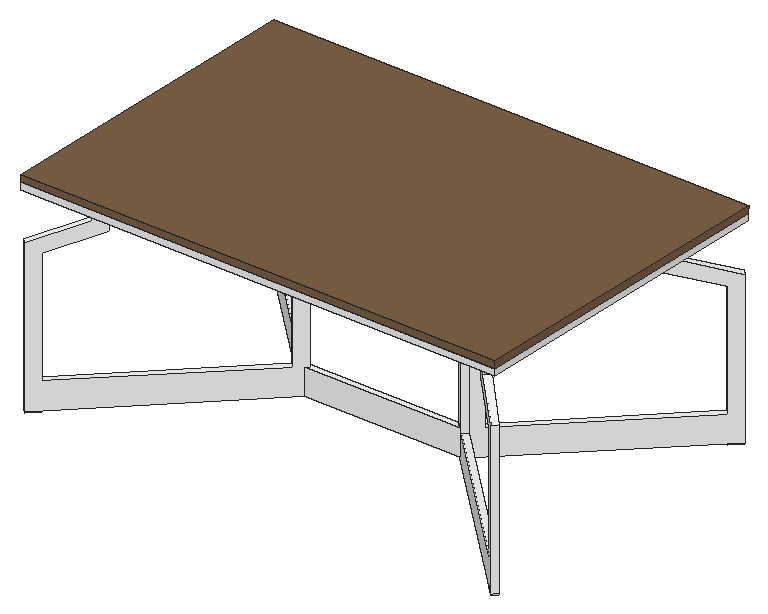
Revit family "Xavier 36x24 coffee table 3D", category Furniture, Revit 2014
Reference planes (in)
  plane 1 "Center Front/Back": y = 0
  plane 2: z = 0
  plane 3 "Center Left/Right": x = 0
Forms (in)
  Extrusion 1, solid, material "WHITE"
    sketch origin (70.88374, 14.15854, -7.83271) x (0, 1, 0) y (0, 0, 1)
      loop
        line (37.74165, 23.33271) -> (13.74165, 23.33271) -> (13.74165, 22.83271) -> (37.74165, 22.83271) -> (37.74165, 23.33271)
    from 0 to 36
  Extrusion 2, solid, material "WHITE"
    sketch origin (51.81077, 14.92746, 0) x (1, 0, 0) y (0, 1, 0)
      loop
        line (31.17653, 25.22273) -> (31.42653, 24.97273) -> (31.17653, 24.72273) -> (42.96942, 24.72273) -> (42.71942, 24.97274) -> (42.96941, 25.22273) -> (31.17653, 25.22273)
    from 0.0625 to 2.0625
  Extrusion 3, solid, material "WHITE"
    sketch origin (69.23938, 53.191, -9.26907) x (-0.707107, 0.707107, 0) y (0, 0, 1)
      loop
        line (-6.30135, 24.26907) -> (-14.70292, 24.26907) -> (-14.70292, 22.01907) -> (-18.79604, 20.73997) -> (-18.79604, 9.26907) -> (-2.32548, 9.26907) -> (-2.32548, 20.77661) -> (-6.30135, 22.01907) -> (-6.30135, 24.26907)
      loop
        line (-3.32548, 11.33157) -> (-3.32548, 20.04142) -> (-7.30135, 21.28388) -> (-7.30135, 23.26907) -> (-13.70292, 23.26907) -> (-13.70292, 21.28388) -> (-17.79604, 20.00478) -> (-17.79604, 11.33157) -> (-3.32548, 11.33157)
    from 0 to 0.5
  Extrusion 4, solid, material "WHITE"
    sketch origin (69.59294, 26.25583, -9.26907) x (-0.707107, -0.707107, 0) y (0, 0, 1)
      loop
        line (-6.30135, 24.26907) -> (-15.20293, 24.26907) -> (-15.20293, 22.01907) -> (-19.29604, 20.73997) -> (-19.29604, 9.33157) -> (-2.32548, 9.33157) -> (-2.32548, 20.77661) -> (-6.30135, 22.01907) -> (-6.30135, 24.26907)
      loop
        line (-3.32548, 11.33157) -> (-3.32548, 20.04142) -> (-7.30135, 21.28388) -> (-7.30135, 23.26907) -> (-14.20293, 23.26907) -> (-14.20293, 21.28388) -> (-18.29604, 20.00478) -> (-18.29604, 11.33157) -> (-3.32548, 11.33157)
    from 0 to 0.5
  Extrusion 5, solid, material "WHITE"
    sketch origin (108.5281, 53.191, -9.26907) x (0.707107, 0.707107, 0) y (0, 0, -1)
      loop
        line (-6.30135, -24.26907) -> (-6.30135, -22.01907) -> (-2.32548, -20.77661) -> (-2.32548, -9.33157) -> (-18.79604, -9.33157) -> (-18.79604, -20.73997) -> (-14.70293, -22.01907) -> (-14.70293, -24.26907) -> (-6.30135, -24.26907)
      loop
        line (-3.32548, -11.33157) -> (-17.79604, -11.33157) -> (-17.79604, -20.00478) -> (-13.70293, -21.28388) -> (-13.70293, -23.26907) -> (-7.30135, -23.26907) -> (-7.30135, -21.28388) -> (-3.32548, -20.04142) -> (-3.32548, -11.33157)
    from 0 to 0.5
  Extrusion 6, solid, material "WHITE"
    sketch origin (108.17455, 26.25583, -9.26907) x (0.707107, -0.707107, 0) y (0, 0, -1)
      loop
        line (-6.30135, -24.26907) -> (-6.30135, -22.01907) -> (-2.32548, -20.77661) -> (-2.32548, -9.33157) -> (-19.29605, -9.33157) -> (-19.29605, -20.73997) -> (-15.20293, -22.01907) -> (-15.20293, -24.26907) -> (-6.30135, -24.26907)
      loop
        line (-3.32548, -11.33157) -> (-18.29605, -11.33157) -> (-18.29605, -20.00478) -> (-14.20293, -21.28388) -> (-14.20293, -23.26907) -> (-7.30135, -23.26907) -> (-7.30135, -21.28388) -> (-3.32548, -20.04142) -> (-3.32548, -11.33157)
    from 0 to 0.5
  Extrusion 7, solid, material "BOWN"
    sketch origin (70.88374, 14.15854, -7.33271) x (0, 1, 0) y (0, 0, 1)
      loop
        line (37.74165, 23.33271) -> (13.74165, 23.33271) -> (13.74165, 22.83271) -> (37.74165, 22.83271) -> (37.74165, 23.33271)
    from 0 to 36
  Extrusion 8, solid
    sketch origin (0, 0, 0) x (1, 0, 0) y (0, 1, 0)
      loop
        line (105.82308, 51.19308) -> (106.17664, 50.83953) -> (106.88374, 51.54664) -> (106.53019, 51.90019) -> (105.82308, 51.19308)
      loop
        line (106.53019, 27.90019) -> (106.88374, 28.25374) -> (106.17664, 28.96085) -> (105.82308, 28.6073) -> (106.53019, 27.90019)
      loop
        line (70.88374, 28.25374) -> (71.2373, 27.90019) -> (71.9444, 28.6073) -> (71.59085, 28.96085) -> (70.88374, 28.25374)
      loop
        line (71.2373, 51.90019) -> (70.88374, 51.54664) -> (71.59085, 50.83953) -> (71.9444, 51.19308) -> (71.2373, 51.90019)
    from 0 to 0.0625
